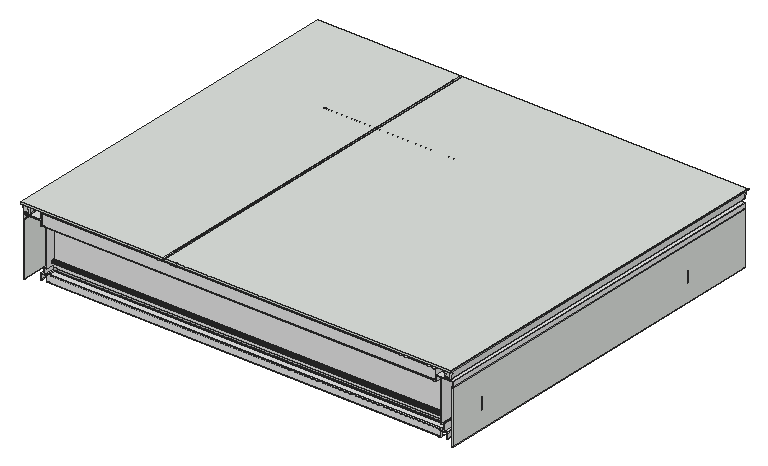
Revit family "Furniture-Mirror_Cabinet-KOHLER-K-56004K_1", category Casework, host Face, Revit 2022
Family settings
  Host = Face
  OmniClass Number = 23.25.53.11.13.11
  OmniClass Title = Medicine Cabinet
  Cut with Voids When Loaded = No
  Shared = No
  Room Calculation Point = No
Parameters (values of type "NA-Not Applicable")
  Width = 30.07874"  # constant formula
  WaterSense Certified = 1 = 0  # no
  URL = "https://www.kohlerasiapacific.com/"
  Type = 1
  Surface Mount [instance] = not(Recess Mount)  # yes
  Recess Mount [instance] = no
  Product Page URL = ""
  Product Name = ""
  Product Documentation Link = ""
  Model = "K-56004K-NA"  # constant formula
  Material = "Aluminium"  # constant formula
  Master Format 2014 Name = "Bathroom Casework"  # constant formula
  Master Format 2014 = "12 35 30.23"  # constant formula
  Manufacturer Address = "No. 158 Jiang Chang San Road, Zhabei District, Shanghai, China"  # constant formula
  Manufacturer = "Kohler Co."  # constant formula
  Product Finish = Kohler-Metal-V-Matte_Silver
  Height = 25.98425"  # constant formula
  Hardware Included = 0 = 1  # no
  Finish = "V-Matte Silver"  # constant formula
  Environmental Product Declaration = ""
  Distance [instance] = if(or(Recess Mount), 3.73996", 0")  # 0"
  Description = "CL REFRESH 30 INCH X 26 INCH DUAL MOUNT GOOD"  # constant formula
  Depth = 4.91339"  # constant formula
  Default Elevation = 60"
  Declare Label = ""
  Date Modified = "09/10/2025"  # constant formula
  Date Created = "09/10/2025"  # constant formula
  Copyright = "Copyright Kohler Co."  # constant formula
  Contact Us = "https://www.kohlerasiapacific.com/contact-us"
  Construction Type = ""
  Assembly Code = "E2010.30"
  ADA Compliant = 1 = 0  # no
Reference planes (in)
  plane 1 "Center (Front/Back)": y = 0
  plane 2: z = 0
  plane 3 "Center (Left/Right)": x = 0
  plane 4: y = 12.99213
  plane 5: y = -12.99213
  plane 6: x = -15.03937
  plane 7: x = 15.03937
  plane 8: y = 12.73622
  plane 9: y = -12.73622
  plane 10: x = -5.03937
  plane 11: x = -4.96063
  plane 12: x = -15.01969
  plane 13: x = 15.01969
  plane 14: z = 0
  plane 15: z = 4.91339
  plane 16: z = 4.29134
  plane 17: z = 4.48425
  plane 18: z = 0.0313
  plane 19: z = 0.0313
  plane 20: z = 3.73209
  plane 21: z = 3.73996
  plane 22: z = -0.00807
Forms (in)
  Extrusion 1, void
    sketch origin (0, 0, 0) x (1, 0, 0) y (0, 1, 0)
      loop
        line (14.21937, -12.23622) -> (14.21937, 12.23622) -> (-14.21937, 12.23622) -> (-14.21937, -12.23622) -> (14.21937, -12.23622)
    from -0.00807 to 3.73996
Dimensions and locks (in)
  "Width": plane 6 to plane 7
  "Height": plane 4 to plane 5
  plane 6 to plane 10 = 10"
  plane 11 to plane 7 = 20"
  plane 4 to plane 5 = 25.98425"
  plane 8 to plane 9 = 25.47244"
  plane 6 to plane 7 = 30.07874"  (x2)
  plane 12 to plane 13 = 30.03937"  (x2)
  "Distance": level to plane 14
  plane 15 to plane 16 = 0.62205"
  "Depth": plane 15 to plane 14
  plane 19 to plane 14 = 0.0313"
  plane 20 to plane 19 = 3.70079"
  locked: plane 20 to plane 21 at 0.00787
  plane 22 to plane 15 = 4.92146"
  plane 16 to plane 15 = 0.62205"
  plane 17 to plane 19 = 4.45295"
  aligned and locked: plane 2 to host face
  aligned and locked: level to host face
  aligned and locked: plane 3 "Center (Left/Right)" to nested 1
  aligned and locked: plane 1 "Center (Front/Back)" to nested 1
  aligned and locked: plane 14 to nested 1
  aligned and locked: Extrusion 1 to plane 22
  aligned and locked: Extrusion 1 to plane 21
Automatic sketch dimensions
  host sketch curve to host sketch curve = 96"  (x2)
  Extrusion 1 sketch curve to plane 8 = 1/2"
  plane 13 to Extrusion 1 sketch curve = 0.80031"
  plane 9 to Extrusion 1 sketch curve = 1/2"
  Extrusion 1 sketch curve to plane 12 = 0.80031"
Nested families (in)
  nested 1: "K-56004K" at (0, 0, 0), type "K-56004K"
Definition of nested family "K-56004K"
  Parameters
    Surface Mount = yes
    Recess Mount = yes
    Material = none
    Default Elevation = 0"
  Reference planes (in)
    plane 1 "Center (Front/Back)": y = 0
    plane 2: z = 0
    plane 3 "Center (Left/Right)": x = 0
    plane 4: y = 12.99213
    plane 5: y = -12.99213
    plane 6: z = 4.91339
    plane 7: z = 4.29134
    plane 8: z = 0.0313
    plane 9: z = 3.70079
    plane 10: z = 4.48425
    plane 11: y = 12.73622
    plane 12: y = -12.73622
    plane 13: x = 15.03937
    plane 14: x = -15.03937
    plane 15: x = 15.01969
    plane 16: x = -15.01969
    plane 17: z = 3.73209
    plane 18: x = -4.96063
    plane 19: x = -5.03937
    plane 20: z = 3.73996
    plane 21: z = 0
  Forms (in)
    Extrusion 1, solid, material <- "Material", detail levels medium+fine
      sketch origin (0, 0, 0) x (1, 0, 0) y (0, 0, 1)
        loop
          line (-14.21937, 0.42231) -> (-14.21937, 0.02156)
          arc (-14.21937, 0.02156) -> (-14.19772, -0.00009) -> (-14.17606, 0.02156) r 0.02165
          line (-14.17606, 0.02156) -> (-14.17606, 0.4) -> (-13.76969, 0.4) -> (-13.76969, 0.44331) -> (-13.94094, 0.44331) -> (-13.94094, 0.84488) -> (-13.76969, 0.84488) -> (-13.76969, 4.51673) -> (-13.82087, 4.51673) -> (-13.82087, 4.11004) -> (-14.99886, 4.11004)
          arc (-14.99886, 4.11004) -> (-15.01358, 4.10394) -> (-15.01969, 4.08921) r 0.02083
          line (-15.01969, 4.08921) -> (-15.01969, 3.76555)
          arc (-15.01969, 3.76555) -> (-14.99409, 3.73996) -> (-14.9685, 3.76555) r 0.02559
          line (-14.9685, 3.76555) -> (-14.9685, 4.05886) -> (-13.82874, 4.05886) -> (-13.82874, 0.91027)
          arc (-13.82874, 0.91027) -> (-13.83521, 0.89466) -> (-13.85082, 0.88819) r 0.02208
          line (-13.85082, 0.88819) -> (-13.96383, 0.88819)
          arc (-13.96383, 0.88819) -> (-13.97827, 0.88221) -> (-13.98425, 0.86776) r 0.02042
          line (-13.98425, 0.86776) -> (-13.98425, 0.44331) -> (-14.19837, 0.44331)
          arc (-14.19837, 0.44331) -> (-14.21322, 0.43716) -> (-14.21937, 0.42231) r 0.021
        loop
          arc (14.21937, 0.42231) -> (14.21322, 0.43716) -> (14.19837, 0.44331) r 0.021
          line (14.19837, 0.44331) -> (13.98425, 0.44331) -> (13.98425, 0.86776)
          arc (13.98425, 0.86776) -> (13.97827, 0.88221) -> (13.96383, 0.88819) r 0.02042
          line (13.96383, 0.88819) -> (13.85082, 0.88819)
          arc (13.85082, 0.88819) -> (13.83521, 0.89466) -> (13.82874, 0.91027) r 0.02208
          line (13.82874, 0.91027) -> (13.82874, 4.05886) -> (14.9685, 4.05886) -> (14.9685, 3.76555)
          arc (14.9685, 3.76555) -> (14.99409, 3.73996) -> (15.01969, 3.76555) r 0.02559
          line (15.01969, 3.76555) -> (15.01969, 4.08921)
          arc (15.01969, 4.08921) -> (15.01358, 4.10394) -> (14.99886, 4.11004) r 0.02083
          line (14.99886, 4.11004) -> (13.82087, 4.11004) -> (13.82087, 4.51673) -> (13.76969, 4.51673) -> (13.76969, 0.84488) -> (13.94094, 0.84488) -> (13.94094, 0.44331) -> (13.76969, 0.44331) -> (13.76969, 0.4) -> (14.17606, 0.4) -> (14.17606, 0.02156)
          arc (14.17606, 0.02156) -> (14.19772, -0.00009) -> (14.21937, 0.02156) r 0.02165
          line (14.21937, 0.02156) -> (14.21937, 0.42231)
      from -12.73622 to 12.73622
    Extrusion 2, void
      sketch origin (0, 0, 0) x (0, 1, 0) y (0, 0, 1)
        loop
          line (-12.23622, -0.04393) -> (-12.23622, 3.73996) -> (-12.85363, 3.73996) -> (-12.85363, -0.04393) -> (-12.23622, -0.04393)
        loop
          line (12.23622, -0.05546) -> (12.81987, -0.05546) -> (12.81987, 3.73996) -> (12.23622, 3.73996) -> (12.23622, -0.05546)
      from -14.21937 to 14.21937
    Extrusion 3, solid, material <- "Material", detail levels medium+fine
      sketch origin (0, 0, 0) x (0, 1, 0) y (0, 0, 1)
        loop
          arc (-12.71674, 4.49714) -> (-12.73066, 4.49137) -> (-12.73643, 4.47745) r 0.01969
          line (-12.73643, 4.47745) -> (-12.73643, 3.76047)
          arc (-12.73643, 3.76047) -> (-12.73037, 3.74583) -> (-12.71573, 3.73976) r 0.02071
          line (-12.71573, 3.73976) -> (-12.65559, 3.73976)
          arc (-12.65559, 3.73976) -> (-12.63373, 3.76162) -> (-12.65559, 3.78347) r 0.02185
          line (-12.65559, 3.78347) -> (-12.69347, 3.78347) -> (-12.69347, 4.45374) -> (-11.70639, 4.45374)
          arc (-11.70639, 4.45374) -> (-11.69196, 4.44777) -> (-11.68598, 4.43333) r 0.02041
          line (-11.68598, 4.43333) -> (-11.68598, 3.64886)
          arc (-11.68598, 3.64886) -> (-11.6934, 3.635) -> (-11.70905, 3.6335) r 0.01664
          arc (-11.70905, 3.6335) -> (-11.77927, 3.64004) -> (-11.84068, 3.60537) r 0.11802
          arc (-11.84068, 3.60537) -> (-11.8465, 3.57192) -> (-11.81812, 3.55328) r 0.03093
          line (-11.81812, 3.55328) -> (-11.73355, 3.55328)
          arc (-11.73355, 3.55328) -> (-11.70067, 3.52039) -> (-11.73355, 3.4875) r 0.03289
          line (-11.73355, 3.4875) -> (-11.81775, 3.4875)
          arc (-11.81775, 3.4875) -> (-11.84529, 3.46955) -> (-11.83996, 3.43711) r 0.03009
          arc (-11.83996, 3.43711) -> (-11.77932, 3.40128) -> (-11.709, 3.40549) r 0.12047
          arc (-11.709, 3.40549) -> (-11.69349, 3.40354) -> (-11.68625, 3.38968) r 0.01687
          line (-11.68625, 3.38968) -> (-11.68625, 1.2576)
          arc (-11.68625, 1.2576) -> (-11.69412, 1.24283) -> (-11.71076, 1.24111) r 0.0178
          arc (-11.71076, 1.24111) -> (-11.78009, 1.24616) -> (-11.83915, 1.20948) r 0.11246
          arc (-11.83915, 1.20948) -> (-11.84341, 1.17762) -> (-11.8163, 1.16033) r 0.02988
          line (-11.8163, 1.16033) -> (-11.73129, 1.16033)
          arc (-11.73129, 1.16033) -> (-11.69772, 1.12676) -> (-11.73129, 1.09319) r 0.03357
          line (-11.73129, 1.09319) -> (-11.81694, 1.09319)
          arc (-11.81694, 1.09319) -> (-11.84395, 1.07551) -> (-11.83857, 1.04368) r 0.02948
          arc (-11.83857, 1.04368) -> (-11.77891, 1.00818) -> (-11.70953, 1.01078) r 0.12259
          arc (-11.70953, 1.01078) -> (-11.69395, 1.00843) -> (-11.68676, 0.99441) r 0.01727
          line (-11.68676, 0.99441) -> (-11.68676, 0.67809)
          arc (-11.68676, 0.67809) -> (-11.67842, 0.61475) -> (-11.65397, 0.55573) r 0.24471
          line (-11.65397, 0.55573) -> (-11.60702, 0.4744)
          arc (-11.60702, 0.4744) -> (-11.60702, 0.45382) -> (-11.62484, 0.44353) r 0.02058
          line (-11.62484, 0.44353) -> (-12.17239, 0.44353)
          arc (-12.17239, 0.44353) -> (-12.18727, 0.4497) -> (-12.19344, 0.46458) r 0.02105
          line (-12.19344, 0.46458) -> (-12.19344, 0.52053)
          arc (-12.19344, 0.52053) -> (-12.21498, 0.54207) -> (-12.23652, 0.52053) r 0.02154
          line (-12.23652, 0.52053) -> (-12.23652, 0.0222)
          arc (-12.23652, 0.0222) -> (-12.23002, 0.0065) -> (-12.21432, 0) r 0.0222
          line (-12.21432, 0) -> (-11.98648, 0)
          arc (-11.98648, 0) -> (-11.96476, 0.02172) -> (-11.98648, 0.04343) r 0.02172
          line (-11.98648, 0.04343) -> (-12.17103, 0.04343)
          arc (-12.17103, 0.04343) -> (-12.18688, 0.04999) -> (-12.19344, 0.06584) r 0.02241
          line (-12.19344, 0.06584) -> (-12.19344, 0.37618)
          arc (-12.19344, 0.37618) -> (-12.18647, 0.39301) -> (-12.16964, 0.39998) r 0.0238
          line (-12.16964, 0.39998) -> (-11.96543, 0.39998) -> (-11.96543, 0.30201)
          arc (-11.96543, 0.30201) -> (-11.94382, 0.28039) -> (-11.9222, 0.30201) r 0.02162
          line (-11.9222, 0.30201) -> (-11.9222, 0.39998) -> (-11.56768, 0.39998)
          arc (-11.56768, 0.39998) -> (-11.54014, 0.39831) -> (-11.513, 0.39333) r 0.22829
          arc (-11.513, 0.39333) -> (-11.48478, 0.40717) -> (-11.49347, 0.43737) r 0.02446
          arc (-11.49347, 0.43737) -> (-11.60337, 0.55934) -> (-11.6431, 0.71864) r 0.33917
          line (-11.6431, 0.71864) -> (-11.6431, 4.38821)
          arc (-11.6431, 4.38821) -> (-11.64084, 4.40889) -> (-11.63415, 4.4286) r 0.09558
          line (-11.63415, 4.4286) -> (-11.61339, 4.47311)
          arc (-11.61339, 4.47311) -> (-11.61445, 4.48933) -> (-11.6287, 4.49714) r 0.01689
          line (-11.6287, 4.49714) -> (-12.71674, 4.49714)
        loop
          line (12.71674, 4.49714) -> (11.6287, 4.49714)
          arc (11.6287, 4.49714) -> (11.61445, 4.48933) -> (11.61339, 4.47311) r 0.01689
          line (11.61339, 4.47311) -> (11.63415, 4.4286)
          arc (11.63415, 4.4286) -> (11.64084, 4.40889) -> (11.6431, 4.38821) r 0.09558
          line (11.6431, 4.38821) -> (11.6431, 0.71864)
          arc (11.6431, 0.71864) -> (11.60337, 0.55934) -> (11.49347, 0.43737) r 0.33917
          arc (11.49347, 0.43737) -> (11.48478, 0.40717) -> (11.513, 0.39333) r 0.02446
          arc (11.513, 0.39333) -> (11.54014, 0.39831) -> (11.56768, 0.39998) r 0.22829
          line (11.56768, 0.39998) -> (11.9222, 0.39998) -> (11.9222, 0.30201)
          arc (11.9222, 0.30201) -> (11.94382, 0.28039) -> (11.96543, 0.30201) r 0.02162
          line (11.96543, 0.30201) -> (11.96543, 0.39998) -> (12.16964, 0.39998)
          arc (12.16964, 0.39998) -> (12.18647, 0.39301) -> (12.19344, 0.37618) r 0.0238
          line (12.19344, 0.37618) -> (12.19344, 0.06584)
          arc (12.19344, 0.06584) -> (12.18688, 0.04999) -> (12.17103, 0.04343) r 0.02241
          line (12.17103, 0.04343) -> (11.98648, 0.04343)
          arc (11.98648, 0.04343) -> (11.96476, 0.02172) -> (11.98648, 0) r 0.02172
          line (11.98648, 0) -> (12.21432, 0)
          arc (12.21432, 0) -> (12.23002, 0.0065) -> (12.23652, 0.0222) r 0.0222
          line (12.23652, 0.0222) -> (12.23652, 0.52053)
          arc (12.23652, 0.52053) -> (12.21498, 0.54207) -> (12.19344, 0.52053) r 0.02154
          line (12.19344, 0.52053) -> (12.19344, 0.46458)
          arc (12.19344, 0.46458) -> (12.18727, 0.4497) -> (12.17239, 0.44353) r 0.02105
          line (12.17239, 0.44353) -> (11.62484, 0.44353)
          arc (11.62484, 0.44353) -> (11.60702, 0.45382) -> (11.60702, 0.4744) r 0.02058
          line (11.60702, 0.4744) -> (11.65397, 0.55573)
          arc (11.65397, 0.55573) -> (11.67842, 0.61475) -> (11.68676, 0.67809) r 0.24471
          line (11.68676, 0.67809) -> (11.68676, 0.99441)
          arc (11.68676, 0.99441) -> (11.69395, 1.00843) -> (11.70953, 1.01078) r 0.01727
          arc (11.70953, 1.01078) -> (11.77891, 1.00818) -> (11.83857, 1.04368) r 0.12259
          arc (11.83857, 1.04368) -> (11.84395, 1.07551) -> (11.81694, 1.09319) r 0.02948
          line (11.81694, 1.09319) -> (11.73129, 1.09319)
          arc (11.73129, 1.09319) -> (11.69772, 1.12676) -> (11.73129, 1.16033) r 0.03357
          line (11.73129, 1.16033) -> (11.8163, 1.16033)
          arc (11.8163, 1.16033) -> (11.84341, 1.17762) -> (11.83915, 1.20948) r 0.02988
          arc (11.83915, 1.20948) -> (11.78009, 1.24616) -> (11.71076, 1.24111) r 0.11246
          arc (11.71076, 1.24111) -> (11.69412, 1.24283) -> (11.68625, 1.2576) r 0.0178
          line (11.68625, 1.2576) -> (11.68625, 3.38968)
          arc (11.68625, 3.38968) -> (11.69349, 3.40354) -> (11.709, 3.40549) r 0.01687
          arc (11.709, 3.40549) -> (11.77932, 3.40128) -> (11.83996, 3.43711) r 0.12047
          arc (11.83996, 3.43711) -> (11.84529, 3.46955) -> (11.81775, 3.4875) r 0.03009
          line (11.81775, 3.4875) -> (11.73355, 3.4875)
          arc (11.73355, 3.4875) -> (11.70067, 3.52039) -> (11.73355, 3.55328) r 0.03289
          line (11.73355, 3.55328) -> (11.81812, 3.55328)
          arc (11.81812, 3.55328) -> (11.8465, 3.57192) -> (11.84068, 3.60537) r 0.03093
          arc (11.84068, 3.60537) -> (11.77927, 3.64004) -> (11.70905, 3.6335) r 0.11802
          arc (11.70905, 3.6335) -> (11.6934, 3.635) -> (11.68598, 3.64886) r 0.01664
          line (11.68598, 3.64886) -> (11.68598, 4.43333)
          arc (11.68598, 4.43333) -> (11.69196, 4.44777) -> (11.70639, 4.45374) r 0.02041
          line (11.70639, 4.45374) -> (12.69347, 4.45374) -> (12.69347, 3.78347) -> (12.65559, 3.78347)
          arc (12.65559, 3.78347) -> (12.63373, 3.76162) -> (12.65559, 3.73976) r 0.02185
          line (12.65559, 3.73976) -> (12.71573, 3.73976)
          arc (12.71573, 3.73976) -> (12.73037, 3.74583) -> (12.73643, 3.76047) r 0.02071
          line (12.73643, 3.76047) -> (12.73643, 4.47745)
          arc (12.73643, 4.47745) -> (12.73066, 4.49137) -> (12.71674, 4.49714) r 0.01969
      from -13.76969 to 13.76969
    Extrusion 4, solid, visible <- "Surface Mount"
      sketch origin (0, 0, 0) x (1, 0, 0) y (0, 0, 1)
        loop
          line (-14.99782, 0.0313) -> (-14.92344, 0.0313) -> (-14.90157, 0.05317) -> (-14.90157, 3.71022) -> (-14.92344, 3.73209) -> (-14.99782, 3.73209) -> (-15.01969, 3.71022) -> (-15.01969, 0.05317) -> (-14.99782, 0.0313)
        loop
          line (14.99782, 0.0313) -> (15.01969, 0.05317) -> (15.01969, 3.71022) -> (14.99782, 3.73209) -> (14.92344, 3.73209) -> (14.90157, 3.71022) -> (14.90157, 0.05317) -> (14.92344, 0.0313) -> (14.99782, 0.0313)
      from -12.73622 to 12.73622
    Extrusion 5, solid
      sketch origin (0, 0, 0) x (1, 0, 0) y (0, 1, 0)
        loop
          line (-14.13386, 11.85492) -> (-14.13386, -11.85492) -> (-14.10886, -11.87992) -> (14.10886, -11.87992) -> (14.13386, -11.85492) -> (14.13386, 11.85492) -> (14.10886, 11.87992) -> (-14.10886, 11.87992) -> (-14.13386, 11.85492)
      from 0.27008 to 0.4
    Sweep 6, solid, material <- "Material"
      path origin (-2.48713, -0.00205, 0.88583) x (1, 0, 0) y (0, 1, 0)
        loop
          line (-12.47083, 12.78692) -> (-12.47083, -12.78494)
          arc (-12.47083, -12.78494) -> (-12.44777, -12.84062) -> (-12.39209, -12.86368) r 0.07874
          line (-12.39209, -12.86368) -> (-12.08048, -12.86368)
          arc (-12.08048, -12.86368) -> (-11.99696, -12.82908) -> (-11.96237, -12.74557) r 0.11811
          line (-11.96237, -12.74557) -> (-11.96237, -10.72511)
          arc (-11.96237, -10.72511) -> (-11.92778, -10.64159) -> (-11.84426, -10.607) r 0.11811
          line (-11.84426, -10.607) -> (-10.70862, -10.607)
          arc (-10.70862, -10.607) -> (-10.6251, -10.5724) -> (-10.59051, -10.48889) r 0.11811
          line (-10.59051, -10.48889) -> (-10.59051, -7.52457)
          arc (-10.59051, -7.52457) -> (-10.6251, -7.44105) -> (-10.70862, -7.40646) r 0.11811
          line (-10.70862, -7.40646) -> (-11.83935, -7.40646)
          arc (-11.83935, -7.40646) -> (-11.92286, -7.37187) -> (-11.95746, -7.28835) r 0.11811
          line (-11.95746, -7.28835) -> (-11.95746, 7.35957)
          arc (-11.95746, 7.35957) -> (-11.93439, 7.41525) -> (-11.87872, 7.43831) r 0.07874
          line (-11.87872, 7.43831) -> (-10.70862, 7.43831)
          arc (-10.70862, 7.43831) -> (-10.6251, 7.47291) -> (-10.59051, 7.55642) r 0.11811
          line (-10.59051, 7.55642) -> (-10.59051, 10.52074)
          arc (-10.59051, 10.52074) -> (-10.6251, 10.60426) -> (-10.70862, 10.63885) r 0.11811
          line (-10.70862, 10.63885) -> (-11.88363, 10.63885)
          arc (-11.88363, 10.63885) -> (-11.93931, 10.66191) -> (-11.96237, 10.71759) r 0.07874
          line (-11.96237, 10.71759) -> (-11.96237, 12.78692)
          arc (-11.96237, 12.78692) -> (-11.98543, 12.8426) -> (-12.04111, 12.86566) r 0.07874
          line (-12.04111, 12.86566) -> (-12.39209, 12.86566)
          arc (-12.39209, 12.86566) -> (-12.44777, 12.8426) -> (-12.47083, 12.78692) r 0.07874
      profile origin (-14.95796, -0.00106, 0.88583) x (1, 0, 0) y (0, 0, 1)
        loop
          line (-0.03712, 3.89821) -> (0.02186, 3.41785)
          arc (0.02186, 3.41785) -> (0.029, 3.40427) -> (0.04335, 3.39884) r 0.02165
          line (0.04335, 3.39884) -> (0.07441, 3.39884) -> (0.07441, 3.89821) -> (-0.03712, 3.89821)
    Sweep 7, solid, material <- "Material"
      path origin (2.48713, -0.00205, 0.88583) x (-1, 0, 0) y (0, -1, 0)
        loop
          arc (-12.47083, -12.78692) -> (-12.44777, -12.8426) -> (-12.39209, -12.86566) r 0.07874
          line (-12.39209, -12.86566) -> (-12.04111, -12.86566)
          arc (-12.04111, -12.86566) -> (-11.98543, -12.8426) -> (-11.96237, -12.78692) r 0.07874
          line (-11.96237, -12.78692) -> (-11.96237, -10.71759)
          arc (-11.96237, -10.71759) -> (-11.93931, -10.66191) -> (-11.88363, -10.63885) r 0.07874
          line (-11.88363, -10.63885) -> (-10.70862, -10.63885)
          arc (-10.70862, -10.63885) -> (-10.6251, -10.60426) -> (-10.59051, -10.52074) r 0.11811
          line (-10.59051, -10.52074) -> (-10.59051, -7.55642)
          arc (-10.59051, -7.55642) -> (-10.6251, -7.47291) -> (-10.70862, -7.43831) r 0.11811
          line (-10.70862, -7.43831) -> (-11.87872, -7.43831)
          arc (-11.87872, -7.43831) -> (-11.93439, -7.41525) -> (-11.95746, -7.35957) r 0.07874
          line (-11.95746, -7.35957) -> (-11.95746, 7.28835)
          arc (-11.95746, 7.28835) -> (-11.92286, 7.37187) -> (-11.83935, 7.40646) r 0.11811
          line (-11.83935, 7.40646) -> (-10.70862, 7.40646)
          arc (-10.70862, 7.40646) -> (-10.6251, 7.44105) -> (-10.59051, 7.52457) r 0.11811
          line (-10.59051, 7.52457) -> (-10.59051, 10.48889)
          arc (-10.59051, 10.48889) -> (-10.6251, 10.5724) -> (-10.70862, 10.607) r 0.11811
          line (-10.70862, 10.607) -> (-11.84426, 10.607)
          arc (-11.84426, 10.607) -> (-11.92778, 10.64159) -> (-11.96237, 10.72511) r 0.11811
          line (-11.96237, 10.72511) -> (-11.96237, 12.74557)
          arc (-11.96237, 12.74557) -> (-11.99696, 12.82908) -> (-12.08048, 12.86368) r 0.11811
          line (-12.08048, 12.86368) -> (-12.39209, 12.86368)
          arc (-12.39209, 12.86368) -> (-12.44777, 12.84062) -> (-12.47083, 12.78494) r 0.07874
          line (-12.47083, 12.78494) -> (-12.47083, -12.78692)
      profile origin (14.95796, -0.00106, 0.88583) x (1, 0, 0) y (0, 0, 1)
        loop
          line (0.03712, 3.89821) -> (-0.07441, 3.89821) -> (-0.07441, 3.39884) -> (-0.04335, 3.39884)
          arc (-0.04335, 3.39884) -> (-0.029, 3.40427) -> (-0.02186, 3.41785) r 0.02165
          line (-0.02186, 3.41785) -> (0.03712, 3.89821)
    Extrusion 8, solid, detail levels medium+fine
      sketch origin (-2.56378, -0.00417, 0.88638) x (-1, 0, 0) y (0, -1, 0)
        loop
          line (11.80947, 9.6972) -> (11.80947, 10.04547)
          arc (11.80947, 10.04547) -> (11.79112, 10.08977) -> (11.74682, 10.10812) r 0.06265
          line (11.74682, 10.10812) -> (11.01427, 10.10812)
          arc (11.01427, 10.10812) -> (10.97292, 10.09099) -> (10.95579, 10.04964) r 0.05848
          line (10.95579, 10.04964) -> (10.95579, 7.96237)
          arc (10.95579, 7.96237) -> (10.97576, 7.91416) -> (11.02396, 7.8942) r 0.06817
          line (11.02396, 7.8942) -> (11.73078, 7.8942)
          arc (11.73078, 7.8942) -> (11.77428, 7.91221) -> (11.7923, 7.95571) r 0.06152
          line (11.7923, 7.95571) -> (11.7923, 8.29005)
          arc (11.7923, 8.29005) -> (11.77261, 8.33757) -> (11.7251, 8.35725) r 0.0672
          line (11.7251, 8.35725) -> (11.68924, 8.35725)
          arc (11.68924, 8.35725) -> (11.04736, 8.99914) -> (11.68924, 9.64102) r 0.64189
          line (11.68924, 9.64102) -> (11.75329, 9.64102)
          arc (11.75329, 9.64102) -> (11.79302, 9.65748) -> (11.80947, 9.6972) r 0.05618
        loop
          circle (11.29979, 9.87625) r 0.18898
        loop
          circle (11.29979, 8.12305) r 0.18898
      from 3.3207 to 3.39828
    Extrusion 9, solid
      sketch origin (-2.50031, -9.00043, 0) x (1, 0, 0) y (0, 1, 0)
        loop
          line (-11.26969, 4.27803) -> (-10.95201, 4.28873)
          arc (-10.95201, 4.28873) -> (-10.93472, 4.29641) -> (-10.92763, 4.31395) r 0.02523
          line (-10.92763, 4.31395) -> (-10.92763, 4.35808)
          arc (-10.92763, 4.35808) -> (-10.93458, 4.37506) -> (-10.95144, 4.38231) r 0.02424
          line (-10.95144, 4.38231) -> (-11.15091, 4.38584)
          arc (-11.15091, 4.38584) -> (-11.16636, 4.39248) -> (-11.17273, 4.40804) r 0.02221
          line (-11.17273, 4.40804) -> (-11.17273, 4.59294)
          arc (-11.17273, 4.59294) -> (-11.16526, 4.61096) -> (-11.14725, 4.61842) r 0.02548
          line (-11.14725, 4.61842) -> (-10.95077, 4.61842)
          arc (-10.95077, 4.61842) -> (-10.93441, 4.6252) -> (-10.92763, 4.64156) r 0.02314
          line (-10.92763, 4.64156) -> (-10.92763, 4.69198)
          arc (-10.92763, 4.69198) -> (-10.93326, 4.70591) -> (-10.94699, 4.712) r 0.02003
          line (-10.94699, 4.712) -> (-11.26969, 4.72287) -> (-11.26969, 4.27803)
      from 0.43954 to 2.49251
    Extrusion 10, solid
      sketch origin (-2.50031, 0.00548, 0) x (1, 0, 0) y (0, 1, 0)
        loop
          line (-11.26969, 4.27803) -> (-10.95201, 4.28873)
          arc (-10.95201, 4.28873) -> (-10.93472, 4.29641) -> (-10.92763, 4.31395) r 0.02523
          line (-10.92763, 4.31395) -> (-10.92763, 4.35808)
          arc (-10.92763, 4.35808) -> (-10.93458, 4.37506) -> (-10.95144, 4.38231) r 0.02424
          line (-10.95144, 4.38231) -> (-11.15091, 4.38584)
          arc (-11.15091, 4.38584) -> (-11.16636, 4.39248) -> (-11.17273, 4.40804) r 0.02221
          line (-11.17273, 4.40804) -> (-11.17273, 4.59294)
          arc (-11.17273, 4.59294) -> (-11.16526, 4.61096) -> (-11.14725, 4.61842) r 0.02548
          line (-11.14725, 4.61842) -> (-10.95077, 4.61842)
          arc (-10.95077, 4.61842) -> (-10.93441, 4.6252) -> (-10.92763, 4.64156) r 0.02314
          line (-10.92763, 4.64156) -> (-10.92763, 4.69198)
          arc (-10.92763, 4.69198) -> (-10.93326, 4.70591) -> (-10.94699, 4.712) r 0.02003
          line (-10.94699, 4.712) -> (-11.26969, 4.72287) -> (-11.26969, 4.27803)
      from 0.43954 to 2.49251
    Extrusion 11, solid
      sketch origin (2.50031, -9.00043, 0) x (-1, 0, 0) y (0, -1, 0)
        loop
          line (-11.26969, -4.27803) -> (-11.26969, -4.72287) -> (-10.94699, -4.712)
          arc (-10.94699, -4.712) -> (-10.93326, -4.70591) -> (-10.92763, -4.69198) r 0.02003
          line (-10.92763, -4.69198) -> (-10.92763, -4.64156)
          arc (-10.92763, -4.64156) -> (-10.93441, -4.6252) -> (-10.95077, -4.61842) r 0.02314
          line (-10.95077, -4.61842) -> (-11.14725, -4.61842)
          arc (-11.14725, -4.61842) -> (-11.16526, -4.61096) -> (-11.17273, -4.59294) r 0.02548
          line (-11.17273, -4.59294) -> (-11.17273, -4.40804)
          arc (-11.17273, -4.40804) -> (-11.16636, -4.39248) -> (-11.15091, -4.38584) r 0.02221
          line (-11.15091, -4.38584) -> (-10.95144, -4.38231)
          arc (-10.95144, -4.38231) -> (-10.93458, -4.37506) -> (-10.92763, -4.35808) r 0.02424
          line (-10.92763, -4.35808) -> (-10.92763, -4.31395)
          arc (-10.92763, -4.31395) -> (-10.93472, -4.29641) -> (-10.95201, -4.28873) r 0.02523
          line (-10.95201, -4.28873) -> (-11.26969, -4.27803)
      from 0.43954 to 2.49251
    Extrusion 12, solid
      sketch origin (2.50031, 0.00548, 0) x (-1, 0, 0) y (0, -1, 0)
        loop
          line (-11.26969, -4.27803) -> (-11.26969, -4.72287) -> (-10.94699, -4.712)
          arc (-10.94699, -4.712) -> (-10.93326, -4.70591) -> (-10.92763, -4.69198) r 0.02003
          line (-10.92763, -4.69198) -> (-10.92763, -4.64156)
          arc (-10.92763, -4.64156) -> (-10.93441, -4.6252) -> (-10.95077, -4.61842) r 0.02314
          line (-10.95077, -4.61842) -> (-11.14725, -4.61842)
          arc (-11.14725, -4.61842) -> (-11.16526, -4.61096) -> (-11.17273, -4.59294) r 0.02548
          line (-11.17273, -4.59294) -> (-11.17273, -4.40804)
          arc (-11.17273, -4.40804) -> (-11.16636, -4.39248) -> (-11.15091, -4.38584) r 0.02221
          line (-11.15091, -4.38584) -> (-10.95144, -4.38231)
          arc (-10.95144, -4.38231) -> (-10.93458, -4.37506) -> (-10.92763, -4.35808) r 0.02424
          line (-10.92763, -4.35808) -> (-10.92763, -4.31395)
          arc (-10.92763, -4.31395) -> (-10.93472, -4.29641) -> (-10.95201, -4.28873) r 0.02523
          line (-10.95201, -4.28873) -> (-11.26969, -4.27803)
      from 0.43954 to 2.49251
    Extrusion 13, solid, detail levels medium+fine
      sketch origin (-2.56378, 0.00417, 0.88638) x (-1, 0, 0) y (0, -1, 0)
        loop
          arc (11.80947, -9.6972) -> (11.79302, -9.65748) -> (11.75329, -9.64102) r 0.05618
          line (11.75329, -9.64102) -> (11.68924, -9.64102)
          arc (11.68924, -9.64102) -> (11.04736, -8.99914) -> (11.68924, -8.35725) r 0.64189
          line (11.68924, -8.35725) -> (11.7251, -8.35725)
          arc (11.7251, -8.35725) -> (11.77261, -8.33757) -> (11.7923, -8.29005) r 0.0672
          line (11.7923, -8.29005) -> (11.7923, -7.95571)
          arc (11.7923, -7.95571) -> (11.77428, -7.91221) -> (11.73078, -7.8942) r 0.06152
          line (11.73078, -7.8942) -> (11.02396, -7.8942)
          arc (11.02396, -7.8942) -> (10.97576, -7.91416) -> (10.95579, -7.96237) r 0.06817
          line (10.95579, -7.96237) -> (10.95579, -10.04964)
          arc (10.95579, -10.04964) -> (10.97292, -10.09099) -> (11.01427, -10.10812) r 0.05848
          line (11.01427, -10.10812) -> (11.74682, -10.10812)
          arc (11.74682, -10.10812) -> (11.79112, -10.08977) -> (11.80947, -10.04547) r 0.06265
          line (11.80947, -10.04547) -> (11.80947, -9.6972)
        loop
          circle (11.29979, -9.87625) r 0.18898
        loop
          circle (11.29979, -8.12305) r 0.18898
      from 3.3207 to 3.39828
    Extrusion 14, solid, detail levels medium+fine
      sketch origin (2.56378, -0.00417, 0.88638) x (1, 0, 0) y (0, 1, 0)
        loop
          arc (11.80947, -9.6972) -> (11.79302, -9.65748) -> (11.75329, -9.64102) r 0.05618
          line (11.75329, -9.64102) -> (11.68924, -9.64102)
          arc (11.68924, -9.64102) -> (11.04736, -8.99914) -> (11.68924, -8.35725) r 0.64189
          line (11.68924, -8.35725) -> (11.7251, -8.35725)
          arc (11.7251, -8.35725) -> (11.77261, -8.33757) -> (11.7923, -8.29005) r 0.0672
          line (11.7923, -8.29005) -> (11.7923, -7.95571)
          arc (11.7923, -7.95571) -> (11.77428, -7.91221) -> (11.73078, -7.8942) r 0.06152
          line (11.73078, -7.8942) -> (11.02396, -7.8942)
          arc (11.02396, -7.8942) -> (10.97576, -7.91416) -> (10.95579, -7.96237) r 0.06817
          line (10.95579, -7.96237) -> (10.95579, -10.04964)
          arc (10.95579, -10.04964) -> (10.97292, -10.09099) -> (11.01427, -10.10812) r 0.05848
          line (11.01427, -10.10812) -> (11.74682, -10.10812)
          arc (11.74682, -10.10812) -> (11.79112, -10.08977) -> (11.80947, -10.04547) r 0.06265
          line (11.80947, -10.04547) -> (11.80947, -9.6972)
        loop
          circle (11.29979, -9.87625) r 0.18898
        loop
          circle (11.29979, -8.12305) r 0.18898
      from 3.3207 to 3.39828
    Extrusion 15, solid, detail levels medium+fine
      sketch origin (2.56378, 0.00417, 0.88638) x (1, 0, 0) y (0, 1, 0)
        loop
          line (11.80947, 9.6972) -> (11.80947, 10.04547)
          arc (11.80947, 10.04547) -> (11.79112, 10.08977) -> (11.74682, 10.10812) r 0.06265
          line (11.74682, 10.10812) -> (11.01427, 10.10812)
          arc (11.01427, 10.10812) -> (10.97292, 10.09099) -> (10.95579, 10.04964) r 0.05848
          line (10.95579, 10.04964) -> (10.95579, 7.96237)
          arc (10.95579, 7.96237) -> (10.97576, 7.91416) -> (11.02396, 7.8942) r 0.06817
          line (11.02396, 7.8942) -> (11.73078, 7.8942)
          arc (11.73078, 7.8942) -> (11.77428, 7.91221) -> (11.7923, 7.95571) r 0.06152
          line (11.7923, 7.95571) -> (11.7923, 8.29005)
          arc (11.7923, 8.29005) -> (11.77261, 8.33757) -> (11.7251, 8.35725) r 0.0672
          line (11.7251, 8.35725) -> (11.68924, 8.35725)
          arc (11.68924, 8.35725) -> (11.04736, 8.99914) -> (11.68924, 9.64102) r 0.64189
          line (11.68924, 9.64102) -> (11.75329, 9.64102)
          arc (11.75329, 9.64102) -> (11.79302, 9.65748) -> (11.80947, 9.6972) r 0.05618
        loop
          circle (11.29979, 9.87625) r 0.18898
        loop
          circle (11.29979, 8.12305) r 0.18898
      from 3.3207 to 3.39828
    Extrusion 16, solid, material <- "Material"
      sketch origin (0, 0, 0) x (1, 0, 0) y (0, 1, 0)
        loop
          line (-14.52391, 12.7892) -> (-14.88354, 12.7892) -> (-14.88354, -12.79131) -> (-14.56761, -12.79131)
          arc (-14.56761, -12.79131) -> (-14.53671, -12.77851) -> (-14.52391, -12.74762) r 0.0437
          line (-14.52391, -12.74762) -> (-14.52391, -10.72716)
          arc (-14.52391, -10.72716) -> (-14.46752, -10.59102) -> (-14.33139, -10.53463) r 0.19252
          line (-14.33139, -10.53463) -> (-13.19574, -10.53463)
          arc (-13.19574, -10.53463) -> (-13.16484, -10.52183) -> (-13.15205, -10.49094) r 0.0437
          line (-13.15205, -10.49094) -> (-13.15205, -7.52662)
          arc (-13.15205, -7.52662) -> (-13.16484, -7.49572) -> (-13.19574, -7.48292) r 0.0437
          line (-13.19574, -7.48292) -> (-14.32647, -7.48292)
          arc (-14.32647, -7.48292) -> (-14.46261, -7.42653) -> (-14.519, -7.2904) r 0.19252
          line (-14.519, -7.2904) -> (-14.519, 7.35753)
          arc (-14.519, 7.35753) -> (-14.47414, 7.46582) -> (-14.36584, 7.51068) r 0.15315
          line (-14.36584, 7.51068) -> (-13.19574, 7.51068)
          arc (-13.19574, 7.51068) -> (-13.16484, 7.52348) -> (-13.15205, 7.55438) r 0.0437
          line (-13.15205, 7.55438) -> (-13.15205, 10.51869)
          arc (-13.15205, 10.51869) -> (-13.16484, 10.54959) -> (-13.19574, 10.56239) r 0.0437
          line (-13.19574, 10.56239) -> (-14.37076, 10.56239)
          arc (-14.37076, 10.56239) -> (-14.47905, 10.60725) -> (-14.52391, 10.71554) r 0.15315
          line (-14.52391, 10.71554) -> (-14.52391, 12.7892)
        loop
          arc (14.52391, -12.74762) -> (14.53671, -12.77851) -> (14.56761, -12.79131) r 0.0437
          line (14.56761, -12.79131) -> (14.88354, -12.79131) -> (14.88354, 12.7892) -> (14.52391, 12.7892) -> (14.52391, 10.71554)
          arc (14.52391, 10.71554) -> (14.47905, 10.60725) -> (14.37076, 10.56239) r 0.15315
          line (14.37076, 10.56239) -> (13.19574, 10.56239)
          arc (13.19574, 10.56239) -> (13.16484, 10.54959) -> (13.15205, 10.51869) r 0.0437
          line (13.15205, 10.51869) -> (13.15205, 7.55438)
          arc (13.15205, 7.55438) -> (13.16484, 7.52348) -> (13.19574, 7.51068) r 0.0437
          line (13.19574, 7.51068) -> (14.36584, 7.51068)
          arc (14.36584, 7.51068) -> (14.47414, 7.46582) -> (14.519, 7.35753) r 0.15315
          line (14.519, 7.35753) -> (14.519, -7.2904)
          arc (14.519, -7.2904) -> (14.46261, -7.42653) -> (14.32647, -7.48292) r 0.19252
          line (14.32647, -7.48292) -> (13.19574, -7.48292)
          arc (13.19574, -7.48292) -> (13.16484, -7.49572) -> (13.15205, -7.52662) r 0.0437
          line (13.15205, -7.52662) -> (13.15205, -10.49094)
          arc (13.15205, -10.49094) -> (13.16484, -10.52183) -> (13.19574, -10.53463) r 0.0437
          line (13.19574, -10.53463) -> (14.33139, -10.53463)
          arc (14.33139, -10.53463) -> (14.46752, -10.59102) -> (14.52391, -10.72716) r 0.19252
          line (14.52391, -10.72716) -> (14.52391, -12.74762)
      from 4.28466 to 4.78404
    Extrusion 17, void
      sketch origin (0, 0, 0) x (0, 1, 0) y (0, 0, 1)
        loop
          line (-10.7502, 4.45908) -> (-10.50918, 4.21805)
          arc (-10.50918, 4.21805) -> (-10.41834, 4.15735) -> (-10.31119, 4.13604) r 0.28
          line (-10.31119, 4.13604) -> (-7.68881, 4.13604)
          arc (-7.68881, 4.13604) -> (-7.58166, 4.15735) -> (-7.49082, 4.21805) r 0.28
          line (-7.49082, 4.21805) -> (-7.2498, 4.45908)
          arc (-7.2498, 4.45908) -> (-7.18594, 4.50175) -> (-7.1106, 4.51673) r 0.19685
          line (-7.1106, 4.51673) -> (-7.05097, 4.51673) -> (-7.05097, 5.3342) -> (-10.98798, 5.3342) -> (-10.98798, 4.51673) -> (-10.8894, 4.51673)
          arc (-10.8894, 4.51673) -> (-10.81406, 4.50175) -> (-10.7502, 4.45908) r 0.19685
        loop
          line (10.50918, 4.21805) -> (10.7502, 4.45908)
          arc (10.7502, 4.45908) -> (10.81406, 4.50175) -> (10.8894, 4.51673) r 0.19685
          line (10.8894, 4.51673) -> (10.98798, 4.51673) -> (10.98798, 4.9546) -> (6.96628, 4.9546) -> (6.96628, 4.51673) -> (7.1106, 4.51673)
          arc (7.1106, 4.51673) -> (7.18594, 4.50175) -> (7.2498, 4.45908) r 0.19685
          line (7.2498, 4.45908) -> (7.49082, 4.21805)
          arc (7.49082, 4.21805) -> (7.58166, 4.15735) -> (7.68881, 4.13604) r 0.28
          line (7.68881, 4.13604) -> (10.31119, 4.13604)
          arc (10.31119, 4.13604) -> (10.41834, 4.15735) -> (10.50918, 4.21805) r 0.28
      from -14.9685 to 14.21937
    Extrusion 18, solid
      sketch origin (0, 0, 0) x (1, 0, 0) y (0, 1, 0)
        loop
          line (13.62205, 4.38189) -> (13.66142, 4.42126) -> (13.66142, 4.57874) -> (13.62205, 4.61811) -> (-13.62205, 4.61811) -> (-13.66142, 4.57874) -> (-13.66142, 4.42126) -> (-13.62205, 4.38189) -> (13.62205, 4.38189)
        loop
          line (13.62205, -4.61811) -> (13.66142, -4.57874) -> (13.66142, -4.42126) -> (13.62205, -4.38189) -> (-13.62205, -4.38189) -> (-13.66142, -4.42126) -> (-13.66142, -4.57874) -> (-13.62205, -4.61811) -> (13.62205, -4.61811)
      from 0.44331 to 4.30315
    Extrusion 19, solid, detail levels medium+fine
      sketch origin (0, 0, 0) x (1, 0, 0) y (0, 0, 1)
        loop
          line (-15.03937, 4.88839) -> (-15.03937, 4.82028) -> (-15.01437, 4.79528) -> (-5.06437, 4.79528) -> (-5.03937, 4.82028) -> (-5.03937, 4.88839) -> (-5.06437, 4.91339) -> (-15.01437, 4.91339) -> (-15.03937, 4.88839)
        loop
          line (-4.96063, 4.82028) -> (-4.93563, 4.79528) -> (15.01437, 4.79528) -> (15.03937, 4.82028) -> (15.03937, 4.88839) -> (15.01437, 4.91339) -> (-4.93563, 4.91339) -> (-4.96063, 4.88839) -> (-4.96063, 4.82028)
      from -12.99213 to 12.99213
    Sweep 20, solid
      path origin (-0.47927, 0.09423, 0.88583) x (1, 0, 0) y (0, 1, 0)
        loop
          line (-14.02421, -12.89307) -> (-5.13817, -12.89307)
          arc (-5.13817, -12.89307) -> (-4.85978, -12.77776) -> (-4.74447, -12.49937) r 0.3937
          line (-4.74447, -12.49937) -> (-4.74447, 12.49937)
          arc (-4.74447, 12.49937) -> (-4.85978, 12.77776) -> (-5.13817, 12.89307) r 0.3937
          line (-5.13817, 12.89307) -> (-13.88027, 12.89307)
      profile origin (-5.22374, 0.09423, 0.88583) x (-1, 0, 0) y (0, 0, 1)
        loop
          line (0.16627, 3.74973) -> (0.16627, 3.90937) -> (-0.00322, 3.90937)
          arc (-0.00322, 3.90937) -> (0.00366, 3.87704) -> (0.02671, 3.85335) r 0.05963
          arc (0.02671, 3.85335) -> (0.06467, 3.81822) -> (0.08324, 3.76995) r 0.11423
          arc (0.08324, 3.76995) -> (0.09108, 3.75549) -> (0.10649, 3.74973) r 0.02347
          line (0.10649, 3.74973) -> (0.16627, 3.74973)
    Extrusion 21, solid
      sketch origin (-0.47927, 0.09423, 0.88583) x (1, 0, 0) y (0, 1, 0)
        loop
          line (-5.41717, 12.29192) -> (-5.41717, -12.31438) -> (-14.02421, -12.31438) -> (-14.02421, -12.7268) -> (-5.13817, -12.7268)
          arc (-5.13817, -12.7268) -> (-4.97735, -12.66018) -> (-4.91074, -12.49937) r 0.22743
          line (-4.91074, -12.49937) -> (-4.91074, 12.49937)
          arc (-4.91074, 12.49937) -> (-4.97735, 12.66018) -> (-5.13817, 12.7268) r 0.22743
          line (-5.13817, 12.7268) -> (-13.8768, 12.7268) -> (-13.8768, 12.29192) -> (-5.41717, 12.29192)
      from 3.74973 to 3.90937
    Extrusion 22, solid
      sketch origin (-0.47927, 0.09423, 0.88583) x (1, 0, 0) y (0, 1, 0)
        loop
          line (-13.8607, 7.26267) -> (-13.8607, -7.40205) -> (-12.49734, -7.40205) -> (-12.49734, -10.80312) -> (-13.89398, -10.80312) -> (-13.89398, -12.31438) -> (-12.36398, -12.31438) -> (-12.36398, 12.29192) -> (-13.8768, 12.29192) -> (-13.8768, 10.661) -> (-12.50642, 10.661) -> (-12.50642, 7.26267) -> (-13.8607, 7.26267)
      from 3.74973 to 3.90937
    Sweep 23, solid
      path origin (-4.63085, 0.09423, 0.88583) x (-1, 0, 0) y (0, -1, 0)
        loop
          line (-18.87212, 12.88537) -> (-0.16769, 12.88537)
          arc (-0.16769, 12.88537) -> (0.1107, 12.77005) -> (0.22601, 12.49167) r 0.3937
          line (0.22601, 12.49167) -> (0.22601, -12.49937)
          arc (0.22601, -12.49937) -> (0.1107, -12.77776) -> (-0.16769, -12.89307) r 0.3937
          line (-0.16769, -12.89307) -> (-18.87212, -12.89307)
      profile origin (-4.85686, 0.09809, 0.88583) x (-1, 0, 0) y (0, 0, 1)
        loop
          line (-0.16627, 3.74973) -> (-0.10649, 3.74973)
          arc (-0.10649, 3.74973) -> (-0.09108, 3.75549) -> (-0.08324, 3.76995) r 0.02347
          arc (-0.08324, 3.76995) -> (-0.06467, 3.81822) -> (-0.02671, 3.85335) r 0.11423
          arc (-0.02671, 3.85335) -> (-0.00366, 3.87704) -> (0.00322, 3.90937) r 0.05963
          line (0.00322, 3.90937) -> (-0.16627, 3.90937) -> (-0.16627, 3.74973)
    Extrusion 24, solid
      sketch origin (-4.63085, 0.09423, 0.88583) x (-1, 0, 0) y (0, -1, 0)
        loop
          line (-0.37918, -12.29192) -> (-18.87212, -12.29192) -> (-18.87212, -12.7268) -> (-0.16769, -12.7268)
          arc (-0.16769, -12.7268) -> (-0.00688, -12.66018) -> (0.05974, -12.49937) r 0.22743
          line (0.05974, -12.49937) -> (0.05974, 12.49167)
          arc (0.05974, 12.49167) -> (-0.00688, 12.65248) -> (-0.16769, 12.7191) r 0.22743
          line (-0.16769, 12.7191) -> (-18.87212, 12.7191) -> (-18.87212, 12.31438) -> (-0.37918, 12.31438) -> (-0.37918, -12.29192)
      from 3.76488 to 3.90937
    Extrusion 25, solid
      sketch origin (0.21705, 0.09423, 0.88583) x (-1, 0, 0) y (0, -1, 0)
        loop
          line (-13.91287, -7.13216) -> (-12.67661, -7.13216) -> (-12.67661, -10.72519) -> (-14.02421, -10.72519) -> (-14.02421, -12.29192) -> (-12.36398, -12.29192) -> (-12.36398, 12.31438) -> (-14.02421, 12.31438) -> (-14.02421, 10.82123) -> (-12.71197, 10.82123) -> (-12.71197, 7.40205) -> (-13.91287, 7.40205) -> (-13.91287, -7.13216)
      from 3.74973 to 3.91051
    Extrusion 26, solid, material <- "Material", visible <- "Surface Mount"
      sketch origin (0, 0, 0) x (1, 0, 0) y (0, 1, 0)
        loop
          line (-14.88189, 7.89428) -> (-14.88189, 7.1378) -> (-14.84819, 7.1378) -> (-14.84819, 7.88947)
          arc (-14.84819, 7.88947) -> (-14.84308, 7.91037) -> (-14.82889, 7.92655) r 0.04526
          line (-14.82889, 7.92655) -> (-13.86651, 8.60041)
          arc (-13.86651, 8.60041) -> (-13.83875, 8.63207) -> (-13.82874, 8.67297) r 0.08858
          line (-13.82874, 8.67297) -> (-13.82874, 9.32508)
          arc (-13.82874, 9.32508) -> (-13.84006, 9.37136) -> (-13.87148, 9.40718) r 0.10022
          line (-13.87148, 9.40718) -> (-14.82889, 10.07757)
          arc (-14.82889, 10.07757) -> (-14.84308, 10.09374) -> (-14.84819, 10.11464) r 0.04526
          line (-14.84819, 10.11464) -> (-14.84819, 10.86632) -> (-14.88189, 10.86632) -> (-14.88189, 10.10983)
          arc (-14.88189, 10.10983) -> (-14.87501, 10.08173) -> (-14.85594, 10.05999) r 0.06084
          line (-14.85594, 10.05999) -> (-13.91086, 9.39823)
          arc (-13.91086, 9.39823) -> (-13.8738, 9.35597) -> (-13.86044, 9.30137) r 0.11824
          line (-13.86044, 9.30137) -> (-13.86044, 8.67461)
          arc (-13.86044, 8.67461) -> (-13.86769, 8.64496) -> (-13.88782, 8.62202) r 0.06421
          line (-13.88782, 8.62202) -> (-14.85594, 7.94413)
          arc (-14.85594, 7.94413) -> (-14.87501, 7.92238) -> (-14.88189, 7.89428) r 0.06084
        loop
          arc (-14.88189, -7.89428) -> (-14.87501, -7.92238) -> (-14.85594, -7.94413) r 0.06084
          line (-14.85594, -7.94413) -> (-13.88782, -8.62202)
          arc (-13.88782, -8.62202) -> (-13.86769, -8.64496) -> (-13.86044, -8.67461) r 0.06421
          line (-13.86044, -8.67461) -> (-13.86044, -9.30137)
          arc (-13.86044, -9.30137) -> (-13.8738, -9.35597) -> (-13.91086, -9.39823) r 0.11824
          line (-13.91086, -9.39823) -> (-14.85594, -10.05999)
          arc (-14.85594, -10.05999) -> (-14.87501, -10.08173) -> (-14.88189, -10.10983) r 0.06084
          line (-14.88189, -10.10983) -> (-14.88189, -10.86632) -> (-14.84819, -10.86632) -> (-14.84819, -10.11464)
          arc (-14.84819, -10.11464) -> (-14.84308, -10.09374) -> (-14.82889, -10.07757) r 0.04526
          line (-14.82889, -10.07757) -> (-13.87148, -9.40718)
          arc (-13.87148, -9.40718) -> (-13.84006, -9.37136) -> (-13.82874, -9.32508) r 0.10022
          line (-13.82874, -9.32508) -> (-13.82874, -8.67297)
          arc (-13.82874, -8.67297) -> (-13.83875, -8.63207) -> (-13.86651, -8.60041) r 0.08858
          line (-13.86651, -8.60041) -> (-14.82889, -7.92655)
          arc (-14.82889, -7.92655) -> (-14.84308, -7.91037) -> (-14.84819, -7.88947) r 0.04526
          line (-14.84819, -7.88947) -> (-14.84819, -7.1378) -> (-14.88189, -7.1378) -> (-14.88189, -7.89428)
        loop
          arc (14.88189, 7.89428) -> (14.87501, 7.92238) -> (14.85594, 7.94413) r 0.06084
          line (14.85594, 7.94413) -> (13.88782, 8.62202)
          arc (13.88782, 8.62202) -> (13.86769, 8.64496) -> (13.86044, 8.67461) r 0.06421
          line (13.86044, 8.67461) -> (13.86044, 9.30137)
          arc (13.86044, 9.30137) -> (13.8738, 9.35597) -> (13.91086, 9.39823) r 0.11824
          line (13.91086, 9.39823) -> (14.85594, 10.05999)
          arc (14.85594, 10.05999) -> (14.87501, 10.08173) -> (14.88189, 10.10983) r 0.06084
          line (14.88189, 10.10983) -> (14.88189, 10.86632) -> (14.84819, 10.86632) -> (14.84819, 10.11464)
          arc (14.84819, 10.11464) -> (14.84308, 10.09374) -> (14.82889, 10.07757) r 0.04526
          line (14.82889, 10.07757) -> (13.87148, 9.40718)
          arc (13.87148, 9.40718) -> (13.84006, 9.37136) -> (13.82874, 9.32508) r 0.10022
          line (13.82874, 9.32508) -> (13.82874, 8.67297)
          arc (13.82874, 8.67297) -> (13.83875, 8.63207) -> (13.86651, 8.60041) r 0.08858
          line (13.86651, 8.60041) -> (14.82889, 7.92655)
          arc (14.82889, 7.92655) -> (14.84308, 7.91037) -> (14.84819, 7.88947) r 0.04526
          line (14.84819, 7.88947) -> (14.84819, 7.1378) -> (14.88189, 7.1378) -> (14.88189, 7.89428)
        loop
          line (14.88189, -7.89428) -> (14.88189, -7.1378) -> (14.84819, -7.1378) -> (14.84819, -7.88947)
          arc (14.84819, -7.88947) -> (14.84308, -7.91037) -> (14.82889, -7.92655) r 0.04526
          line (14.82889, -7.92655) -> (13.86651, -8.60041)
          arc (13.86651, -8.60041) -> (13.83875, -8.63207) -> (13.82874, -8.67297) r 0.08858
          line (13.82874, -8.67297) -> (13.82874, -9.32508)
          arc (13.82874, -9.32508) -> (13.84006, -9.37136) -> (13.87148, -9.40718) r 0.10022
          line (13.87148, -9.40718) -> (14.82889, -10.07757)
          arc (14.82889, -10.07757) -> (14.84308, -10.09374) -> (14.84819, -10.11464) r 0.04526
          line (14.84819, -10.11464) -> (14.84819, -10.86632) -> (14.88189, -10.86632) -> (14.88189, -10.10983)
          arc (14.88189, -10.10983) -> (14.87501, -10.08173) -> (14.85594, -10.05999) r 0.06084
          line (14.85594, -10.05999) -> (13.91086, -9.39823)
          arc (13.91086, -9.39823) -> (13.8738, -9.35597) -> (13.86044, -9.30137) r 0.11824
          line (13.86044, -9.30137) -> (13.86044, -8.67461)
          arc (13.86044, -8.67461) -> (13.86769, -8.64496) -> (13.88782, -8.62202) r 0.06421
          line (13.88782, -8.62202) -> (14.85594, -7.94413)
          arc (14.85594, -7.94413) -> (14.87501, -7.92238) -> (14.88189, -7.89428) r 0.06084
      from 1.16033 to 2.63323
    Extrusion 27, solid, visible <- "Surface Mount"
      sketch origin (0, 0, 0) x (1, 0, 0) y (0, 1, 0)
        loop
          line (-14.86959, -10.15354) -> (-14.90157, -10.15354) -> (-14.90157, -10.86632) -> (-14.86959, -10.86632) -> (-14.86959, -10.15354)
        loop
          line (-14.86959, 10.15354) -> (-14.86959, 10.86632) -> (-14.90157, 10.86632) -> (-14.90157, 10.15354) -> (-14.86959, 10.15354)
        loop
          line (-14.86959, -7.82244) -> (-14.86959, -7.10967) -> (-14.90157, -7.10967) -> (-14.90157, -7.82244) -> (-14.86959, -7.82244)
        loop
          line (-14.86959, 7.84646) -> (-14.90157, 7.84646) -> (-14.90157, 7.13368) -> (-14.86959, 7.13368) -> (-14.86959, 7.84646)
        loop
          line (14.86959, -10.15354) -> (14.86959, -10.86632) -> (14.90157, -10.86632) -> (14.90157, -10.15354) -> (14.86959, -10.15354)
        loop
          line (14.86959, 10.15354) -> (14.90157, 10.15354) -> (14.90157, 10.86632) -> (14.86959, 10.86632) -> (14.86959, 10.15354)
        loop
          line (14.86959, -7.82244) -> (14.90157, -7.82244) -> (14.90157, -7.10967) -> (14.86959, -7.10967) -> (14.86959, -7.82244)
        loop
          line (14.86959, 7.84646) -> (14.86959, 7.13368) -> (14.90157, 7.13368) -> (14.90157, 7.84646) -> (14.86959, 7.84646)
      from 0.61849 to 3.25947
    Extrusion 28, solid, material <- "Material", visible <- "Surface Mount"
      sketch origin (0, 0, 0) x (1, 0, 0) y (0, 1, 0)
        loop
          arc (-14.85594, -10.05999) -> (-14.87501, -10.08173) -> (-14.88189, -10.10983) r 0.06084
          line (-14.88189, -10.10983) -> (-14.88189, -10.86632) -> (-14.84819, -10.86632) -> (-14.84819, -10.11464)
          arc (-14.84819, -10.11464) -> (-14.84308, -10.09374) -> (-14.82889, -10.07757) r 0.04526
          line (-14.82889, -10.07757) -> (-14.85594, -10.05999)
        loop
          line (-14.84819, -7.88947) -> (-14.84819, -7.1378) -> (-14.88189, -7.1378) -> (-14.88189, -7.89428)
          arc (-14.88189, -7.89428) -> (-14.87501, -7.92238) -> (-14.85594, -7.94413) r 0.06084
          line (-14.85594, -7.94413) -> (-14.82889, -7.92655)
          arc (-14.82889, -7.92655) -> (-14.84308, -7.91037) -> (-14.84819, -7.88947) r 0.04526
        loop
          line (-14.85594, 10.05999) -> (-14.82889, 10.07757)
          arc (-14.82889, 10.07757) -> (-14.84308, 10.09374) -> (-14.84819, 10.11464) r 0.04526
          line (-14.84819, 10.11464) -> (-14.84819, 10.86632) -> (-14.88189, 10.86632) -> (-14.88189, 10.10983)
          arc (-14.88189, 10.10983) -> (-14.87501, 10.08173) -> (-14.85594, 10.05999) r 0.06084
        loop
          arc (-14.84819, 7.88947) -> (-14.84308, 7.91037) -> (-14.82889, 7.92655) r 0.04526
          line (-14.82889, 7.92655) -> (-14.85594, 7.94413)
          arc (-14.85594, 7.94413) -> (-14.87501, 7.92238) -> (-14.88189, 7.89428) r 0.06084
          line (-14.88189, 7.89428) -> (-14.88189, 7.1378) -> (-14.84819, 7.1378) -> (-14.84819, 7.88947)
        loop
          line (14.85594, -10.05999) -> (14.82889, -10.07757)
          arc (14.82889, -10.07757) -> (14.84308, -10.09374) -> (14.84819, -10.11464) r 0.04526
          line (14.84819, -10.11464) -> (14.84819, -10.86632) -> (14.88189, -10.86632) -> (14.88189, -10.10983)
          arc (14.88189, -10.10983) -> (14.87501, -10.08173) -> (14.85594, -10.05999) r 0.06084
        loop
          arc (14.84819, -7.88947) -> (14.84308, -7.91037) -> (14.82889, -7.92655) r 0.04526
          line (14.82889, -7.92655) -> (14.85594, -7.94413)
          arc (14.85594, -7.94413) -> (14.87501, -7.92238) -> (14.88189, -7.89428) r 0.06084
          line (14.88189, -7.89428) -> (14.88189, -7.1378) -> (14.84819, -7.1378) -> (14.84819, -7.88947)
        loop
          arc (14.85594, 10.05999) -> (14.87501, 10.08173) -> (14.88189, 10.10983) r 0.06084
          line (14.88189, 10.10983) -> (14.88189, 10.86632) -> (14.84819, 10.86632) -> (14.84819, 10.11464)
          arc (14.84819, 10.11464) -> (14.84308, 10.09374) -> (14.82889, 10.07757) r 0.04526
          line (14.82889, 10.07757) -> (14.85594, 10.05999)
        loop
          line (14.84819, 7.88947) -> (14.84819, 7.1378) -> (14.88189, 7.1378) -> (14.88189, 7.89428)
          arc (14.88189, 7.89428) -> (14.87501, 7.92238) -> (14.85594, 7.94413) r 0.06084
          line (14.85594, 7.94413) -> (14.82889, 7.92655)
          arc (14.82889, 7.92655) -> (14.84308, 7.91037) -> (14.84819, 7.88947) r 0.04526
      from 0.61849 to 3.25947
    Extrusion 29, solid, material <- "Material", detail levels coarse
      sketch origin (0, 0, 0) x (1, 0, 0) y (0, 0, 1)
        loop
          line (14.21937, 0.44331) -> (13.98425, 0.44331) -> (13.98425, 0.88819) -> (13.82874, 0.88819) -> (13.82874, 3.73996) -> (15.01969, 3.73996) -> (15.01969, 4.11004) -> (13.82087, 4.11004) -> (13.82087, 4.51673) -> (13.76969, 4.51673) -> (13.76969, 0.84488) -> (13.94094, 0.84488) -> (13.94094, 0.44331) -> (13.76969, 0.44331) -> (13.76969, 0) -> (14.21937, 0) -> (14.21937, 0.44331)
        loop
          line (-14.21937, 0.44331) -> (-14.21937, 0) -> (-13.76969, 0) -> (-13.76969, 0.44331) -> (-13.94094, 0.44331) -> (-13.94094, 0.84488) -> (-13.76969, 0.84488) -> (-13.76969, 4.51673) -> (-13.82087, 4.51673) -> (-13.82087, 4.11004) -> (-15.01969, 4.11004) -> (-15.01969, 3.73996) -> (-13.82874, 3.73996) -> (-13.82874, 0.88819) -> (-13.98425, 0.88819) -> (-13.98425, 0.44331) -> (-14.21937, 0.44331)
      from -12.73622 to 12.73622
    Extrusion 30, solid, material <- "Material", detail levels coarse
      sketch origin (0, 0, 0) x (0, 1, 0) y (0, 0, 1)
        loop
          line (12.73643, 4.49714) -> (11.6431, 4.49714) -> (11.6431, 0.39998) -> (12.19344, 0.39998) -> (12.19344, 0.04343) -> (11.96485, 0.04343) -> (11.96485, 0) -> (12.23652, 0) -> (12.23652, 0.44353) -> (11.68598, 0.44353) -> (11.68598, 4.45374) -> (12.69347, 4.45374) -> (12.69347, 3.78347) -> (12.63373, 3.78347) -> (12.63373, 3.73976) -> (12.73643, 3.73976) -> (12.73643, 4.49714)
        loop
          line (-12.73643, 4.49714) -> (-12.73643, 3.73976) -> (-12.63373, 3.73976) -> (-12.63373, 3.78347) -> (-12.69347, 3.78347) -> (-12.69347, 4.45374) -> (-11.68598, 4.45374) -> (-11.68598, 0.44353) -> (-12.23652, 0.44353) -> (-12.23652, 0) -> (-11.96485, 0) -> (-11.96485, 0.04343) -> (-12.19344, 0.04343) -> (-12.19344, 0.39998) -> (-11.6431, 0.39998) -> (-11.6431, 4.49714) -> (-12.73643, 4.49714)
      from -13.76969 to 13.76969
    Extrusion 31, solid
      sketch origin (0, 0, 0) x (1, 0, 0) y (0, 1, 0)
        loop
          line (-5.28, 12.41572) -> (-5.28, 12.71334)
          arc (-5.28, 12.71334) -> (-5.29153, 12.74118) -> (-5.31937, 12.75271) r 0.03937
          line (-5.31937, 12.75271) -> (-5.6139, 12.75271)
          arc (-5.6139, 12.75271) -> (-5.64174, 12.74118) -> (-5.65327, 12.71334) r 0.03937
          line (-5.65327, 12.71334) -> (-5.65327, 12.41572)
          arc (-5.65327, 12.41572) -> (-5.64174, 12.38788) -> (-5.6139, 12.37635) r 0.03937
          line (-5.6139, 12.37635) -> (-5.31937, 12.37635)
          arc (-5.31937, 12.37635) -> (-5.29153, 12.38788) -> (-5.28, 12.41572) r 0.03937
        loop
          line (-4.34168, 12.41572) -> (-4.34168, 12.71334)
          arc (-4.34168, 12.71334) -> (-4.35321, 12.74118) -> (-4.38105, 12.75271) r 0.03937
          line (-4.38105, 12.75271) -> (-4.67559, 12.75271)
          arc (-4.67559, 12.75271) -> (-4.70343, 12.74118) -> (-4.71496, 12.71334) r 0.03937
          line (-4.71496, 12.71334) -> (-4.71496, 12.41572)
          arc (-4.71496, 12.41572) -> (-4.70343, 12.38788) -> (-4.67559, 12.37635) r 0.03937
          line (-4.67559, 12.37635) -> (-4.38105, 12.37635)
          arc (-4.38105, 12.37635) -> (-4.35321, 12.38788) -> (-4.34168, 12.41572) r 0.03937
        loop
          arc (-5.28, -12.41572) -> (-5.29153, -12.38788) -> (-5.31937, -12.37635) r 0.03937
          line (-5.31937, -12.37635) -> (-5.6139, -12.37635)
          arc (-5.6139, -12.37635) -> (-5.64174, -12.38788) -> (-5.65327, -12.41572) r 0.03937
          line (-5.65327, -12.41572) -> (-5.65327, -12.71334)
          arc (-5.65327, -12.71334) -> (-5.64174, -12.74118) -> (-5.6139, -12.75271) r 0.03937
          line (-5.6139, -12.75271) -> (-5.31937, -12.75271)
          arc (-5.31937, -12.75271) -> (-5.29153, -12.74118) -> (-5.28, -12.71334) r 0.03937
          line (-5.28, -12.71334) -> (-5.28, -12.41572)
        loop
          arc (-4.34168, -12.41572) -> (-4.35321, -12.38788) -> (-4.38105, -12.37635) r 0.03937
          line (-4.38105, -12.37635) -> (-4.67559, -12.37635)
          arc (-4.67559, -12.37635) -> (-4.70343, -12.38788) -> (-4.71496, -12.41572) r 0.03937
          line (-4.71496, -12.41572) -> (-4.71496, -12.71334)
          arc (-4.71496, -12.71334) -> (-4.70343, -12.74118) -> (-4.67559, -12.75271) r 0.03937
          line (-4.67559, -12.75271) -> (-4.38105, -12.75271)
          arc (-4.38105, -12.75271) -> (-4.35321, -12.74118) -> (-4.34168, -12.71334) r 0.03937
          line (-4.34168, -12.71334) -> (-4.34168, -12.41572)
      from 4.51685 to 4.75059
    Extrusion 32, solid, detail levels coarse
      sketch origin (0, 0, 0) x (1, 0, 0) y (0, 1, 0)
        loop
          line (-15.03937, -12.99213) -> (-5.03937, -12.99213) -> (-5.03937, 12.99213) -> (-15.03937, 12.99213) -> (-15.03937, -12.99213)
        loop
          line (15.03937, -12.99213) -> (15.03937, 12.99213) -> (-4.96063, 12.99213) -> (-4.96063, -12.99213) -> (15.03937, -12.99213)
      from 4.79528 to 4.91339
